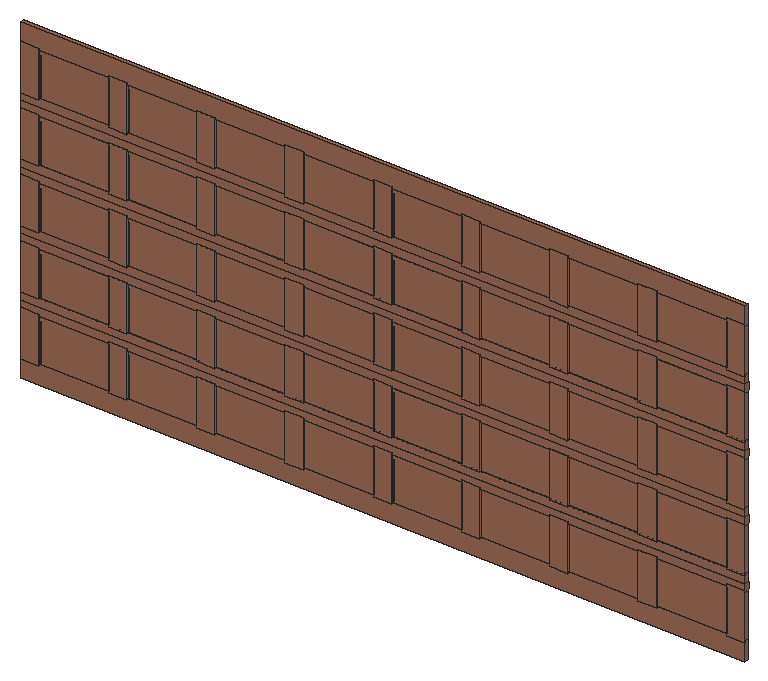
Revit family "GDBL E 40P", category Doors, host Wall, Revit 2013
Parameters
  Function = Interior
  Frame Projection Ext. = 25 mm
  Frame Projection Int. = 25 mm
  Frame Width = 75 mm
  Height = 2135 mm
  Wall Closure = By host
  Width = 4880 mm
Reference planes
  plane 1: y = 0
  plane 2 "Center (Left/Right)": x = 0
  plane 3 "Left": x = -2440
  plane 4 "Right": x = 2440
  plane 5: z = 2135
  plane 6 "Exterior": y = 75
  plane 7 "Interior": y = -75
  plane 8 "Garage Bottom": y = 75
  plane 9 "Garage Left": x = 2470
  plane 10 "Garage Right": x = -2470
  plane 11 "Garage Top": z = 2170
  plane 12: z = 476
  plane 13: z = 882
  plane 14: z = 1288
  plane 15: z = 1694
Forms (mm)
  Sweep 1, solid, material "Garage Wood"
    path origin (2744.172, 120, 1694) x (1, 0, 0) y (0, 1, 0)
      loop
        line (-5214.172, -225) -> (-274.172, -225)
    profile "Van Acht 55.5x30 Garage Rail : Van Acht 55.5x30 Garage Rail" origin (0, -105, 1694) x (0, 1, 0) y (0, 0, 1)
      loop
        line (0, 0.046) -> (30, 0.046) -> (30, 46.546) -> (28, 46.546)
        arc (28, 46.546) -> (25.296, 51.527) -> (20, 53.546) r 8.162
        line (20, 53.546) -> (20, 55.546) -> (0, 55.546) -> (0, 0.046)
  Extrusion 2, solid, material "Garage Wood"
    sketch origin (0, 0, 0) x (0, -1, 0) y (0, 0, -1)
      loop
        line (105, -2045) -> (85, -2045) -> (85, -2047)
        arc (85, -2047) -> (79.704, -2049.019) -> (77, -2054) r 8.162
        line (77, -2054) -> (75, -2054) -> (75, -2170) -> (105, -2170) -> (105, -2045)
    from -2470 to 2470
  Sweep 3, solid, material "Garage Wood"
    path origin (2744.172, 120, 1287.954) x (1, 0, 0) y (0, 1, 0)
      loop
        line (-5214.172, -225) -> (-274.172, -225)
    profile "Van Acht 55.5x30 Garage Rail : Van Acht 55.5x30 Garage Rail" origin (0, -105, 1287.954) x (0, 1, 0) y (0, 0, 1)
      loop
        line (0, 0.046) -> (30, 0.046) -> (30, 46.546) -> (28, 46.546)
        arc (28, 46.546) -> (25.296, 51.527) -> (20, 53.546) r 8.162
        line (20, 53.546) -> (20, 55.546) -> (0, 55.546) -> (0, 0.046)
  Extrusion 4, solid, material "Garage Wood"
    sketch origin (0, 0, 0) x (0, -1, 0) y (0, 0, -1)
      loop
        line (105, -1694.046) -> (105, -1638.546) -> (85, -1638.546) -> (85, -1640.546)
        arc (85, -1640.546) -> (79.704, -1642.565) -> (77, -1647.546) r 8.162
        line (77, -1647.546) -> (75, -1647.546) -> (75, -1694.046) -> (105, -1694.046)
    from -2470 to 2470
  Sweep 5, solid, material "Garage Wood"
    path origin (2744.172, 120, 881.954) x (1, 0, 0) y (0, 1, 0)
      loop
        line (-5214.172, -225) -> (-274.172, -225)
    profile "Van Acht 55.5x30 Garage Rail : Van Acht 55.5x30 Garage Rail" origin (0, -105, 881.954) x (0, 1, 0) y (0, 0, 1)
      loop
        line (0, 0.046) -> (30, 0.046) -> (30, 46.546) -> (28, 46.546)
        arc (28, 46.546) -> (25.296, 51.527) -> (20, 53.546) r 8.162
        line (20, 53.546) -> (20, 55.546) -> (0, 55.546) -> (0, 0.046)
  Extrusion 6, solid, material "Garage Wood"
    sketch origin (0, 0, -406) x (0, -1, 0) y (0, 0, -1)
      loop
        line (105, -1694.046) -> (105, -1638.546) -> (85, -1638.546) -> (85, -1640.546)
        arc (85, -1640.546) -> (79.704, -1642.565) -> (77, -1647.546) r 8.162
        line (77, -1647.546) -> (75, -1647.546) -> (75, -1694.046) -> (105, -1694.046)
    from -2470 to 2470
  Sweep 7, solid, material "Garage Wood"
    path origin (2744.172, 120, 475.954) x (1, 0, 0) y (0, 1, 0)
      loop
        line (-5214.172, -225) -> (-274.172, -225)
    profile "Van Acht 55.5x30 Garage Rail : Van Acht 55.5x30 Garage Rail" origin (0, -105, 475.954) x (0, 1, 0) y (0, 0, 1)
      loop
        line (0, 0.046) -> (30, 0.046) -> (30, 46.546) -> (28, 46.546)
        arc (28, 46.546) -> (25.296, 51.527) -> (20, 53.546) r 8.162
        line (20, 53.546) -> (20, 55.546) -> (0, 55.546) -> (0, 0.046)
  Extrusion 8, solid, material "Garage Wood"
    sketch origin (0, 0, -812) x (0, -1, 0) y (0, 0, -1)
      loop
        line (105, -1694.046) -> (105, -1638.546) -> (85, -1638.546) -> (85, -1640.546)
        arc (85, -1640.546) -> (79.704, -1642.565) -> (77, -1647.546) r 8.162
        line (77, -1647.546) -> (75, -1647.546) -> (75, -1694.046) -> (105, -1694.046)
    from -2470 to 2470
  Extrusion 9, solid, material "Garage Wood"
    sketch origin (0, 0, -1218) x (0, -1, 0) y (0, 0, -1)
      loop
        line (105, -1694.046) -> (105, -1638.546) -> (85, -1638.546) -> (85, -1640.546)
        arc (85, -1640.546) -> (79.704, -1642.565) -> (77, -1647.546) r 8.162
        line (77, -1647.546) -> (75, -1647.546) -> (75, -1694.046) -> (105, -1694.046)
    from -2470 to 2470
  Extrusion 10, solid, material "Garage Wood"
    sketch origin (2744.172, 300, 1288) x (0, -1, 0) y (-1, 0, 0)
      loop
        line (385, 5091.172) -> (385, 5089.172) -> (405, 5089.172) -> (405, 5214.172) -> (375, 5214.172) -> (375, 5098.172) -> (377, 5098.172)
        arc (377, 5098.172) -> (379.704, 5093.191) -> (385, 5091.172) r 8.162
      loop
        arc (385, 397.172) -> (379.704, 395.153) -> (377, 390.172) r 8.162
        line (377, 390.172) -> (375, 390.172) -> (375, 274.172) -> (405, 274.172) -> (405, 399.172) -> (385, 399.172) -> (385, 397.172)
      loop
        line (385, 3887.372) -> (385, 3885.372) -> (405, 3885.372) -> (405, 4010.372) -> (385, 4010.372) -> (385, 4008.372)
        arc (385, 4008.372) -> (379.704, 4006.353) -> (377, 4001.372) r 8.162
        line (377, 4001.372) -> (375, 4001.372) -> (375, 3894.372) -> (377, 3894.372)
        arc (377, 3894.372) -> (379.704, 3889.391) -> (385, 3887.372) r 8.162
      loop
        line (385, 2683.672) -> (385, 2681.672) -> (405, 2681.672) -> (405, 2806.672) -> (385, 2806.672) -> (385, 2804.672)
        arc (385, 2804.672) -> (379.704, 2802.653) -> (377, 2797.672) r 8.162
        line (377, 2797.672) -> (375, 2797.672) -> (375, 2690.672) -> (377, 2690.672)
        arc (377, 2690.672) -> (379.704, 2685.691) -> (385, 2683.672) r 8.162
      loop
        arc (385, 1600.972) -> (379.704, 1598.953) -> (377, 1593.972) r 8.162
        line (377, 1593.972) -> (375, 1593.972) -> (375, 1486.972) -> (377, 1486.972)
        arc (377, 1486.972) -> (379.704, 1481.991) -> (385, 1479.972) r 8.162
        line (385, 1479.972) -> (385, 1477.972) -> (405, 1477.972) -> (405, 1602.972) -> (385, 1602.972) -> (385, 1600.972)
      loop
        line (385, 4489.172) -> (385, 4487.172) -> (405, 4487.172) -> (405, 4612.172) -> (385, 4612.172) -> (385, 4610.172)
        arc (385, 4610.172) -> (379.704, 4608.153) -> (377, 4603.172) r 8.162
        line (377, 4603.172) -> (375, 4603.172) -> (375, 4496.172) -> (377, 4496.172)
        arc (377, 4496.172) -> (379.704, 4491.191) -> (385, 4489.172) r 8.162
      loop
        line (385, 3285.372) -> (385, 3283.372) -> (405, 3283.372) -> (405, 3408.372) -> (385, 3408.372) -> (385, 3406.372)
        arc (385, 3406.372) -> (379.704, 3404.353) -> (377, 3399.372) r 8.162
        line (377, 3399.372) -> (375, 3399.372) -> (375, 3292.372) -> (377, 3292.372)
        arc (377, 3292.372) -> (379.704, 3287.391) -> (385, 3285.372) r 8.162
      loop
        line (385, 2081.672) -> (385, 2079.672) -> (405, 2079.672) -> (405, 2204.672) -> (385, 2204.672) -> (385, 2202.672)
        arc (385, 2202.672) -> (379.704, 2200.653) -> (377, 2195.672) r 8.162
        line (377, 2195.672) -> (375, 2195.672) -> (375, 2088.672) -> (377, 2088.672)
        arc (377, 2088.672) -> (379.704, 2083.691) -> (385, 2081.672) r 8.162
      loop
        line (385, 877.972) -> (385, 875.972) -> (405, 875.972) -> (405, 1000.972) -> (385, 1000.972) -> (385, 998.972)
        arc (385, 998.972) -> (379.704, 996.953) -> (377, 991.972) r 8.162
        line (377, 991.972) -> (375, 991.972) -> (375, 884.972) -> (377, 884.972)
        arc (377, 884.972) -> (379.704, 879.991) -> (385, 877.972) r 8.162
    from 46.546 to 360
  Extrusion 11, solid, material "Garage Wood"
    sketch origin (6355.372, -275, 476) x (0, -1, 0) y (-1, 0, 0)
      loop
        line (-175, 4487.172) -> (-185, 4487.172) -> (-185, 4010.372) -> (-175, 4010.372) -> (-175, 4487.172)
      loop
        line (-175, 5089.172) -> (-185, 5089.172) -> (-185, 4612.172) -> (-175, 4612.172) -> (-175, 5089.172)
      loop
        line (-175, 5690.872) -> (-185, 5690.872) -> (-185, 5214.072) -> (-175, 5214.072) -> (-175, 5690.872)
      loop
        line (-175, 6292.872) -> (-185, 6292.872) -> (-185, 5815.872) -> (-175, 5815.872) -> (-175, 6292.872)
      loop
        line (-175, 6894.572) -> (-185, 6894.572) -> (-185, 6417.772) -> (-175, 6417.772) -> (-175, 6894.572)
      loop
        line (-175, 7496.572) -> (-185, 7496.572) -> (-185, 7019.572) -> (-175, 7019.572) -> (-175, 7496.572)
      loop
        line (-175, 8098.372) -> (-185, 8098.372) -> (-185, 7621.572) -> (-175, 7621.572) -> (-175, 8098.372)
      loop
        line (-175, 8700.372) -> (-185, 8700.372) -> (-185, 8223.372) -> (-175, 8223.372) -> (-175, 8700.372)
    from 55.454 to 351.546
  Extrusion 12, solid, material "Garage Wood"
    sketch origin (0, 0, 2169.454) x (0, -1, 0) y (0, 0, -1)
      loop
        line (105, 2045) -> (105, 2169.454) -> (75, 2169.454) -> (75, 2053.454) -> (77.097, 2053.454)
        arc (77.097, 2053.454) -> (79.86, 2048.739) -> (84.988, 2046.852) r 8.098
        line (84.988, 2046.852) -> (84.988, 2045) -> (105, 2045)
    from -2470 to 2470
  Extrusion 13, solid, material "Garage Wood"
    sketch origin (2744.172, 300, 1694) x (0, -1, 0) y (-1, 0, 0)
      loop
        line (385, 5091.172) -> (385, 5089.172) -> (405, 5089.172) -> (405, 5214.172) -> (375, 5214.172) -> (375, 5098.172) -> (377, 5098.172)
        arc (377, 5098.172) -> (379.704, 5093.191) -> (385, 5091.172) r 8.162
      loop
        arc (385, 397.172) -> (379.704, 395.153) -> (377, 390.172) r 8.162
        line (377, 390.172) -> (375, 390.172) -> (375, 274.172) -> (405, 274.172) -> (405, 399.172) -> (385, 399.172) -> (385, 397.172)
      loop
        line (385, 3887.372) -> (385, 3885.372) -> (405, 3885.372) -> (405, 4010.372) -> (385, 4010.372) -> (385, 4008.372)
        arc (385, 4008.372) -> (379.704, 4006.353) -> (377, 4001.372) r 8.162
        line (377, 4001.372) -> (375, 4001.372) -> (375, 3894.372) -> (377, 3894.372)
        arc (377, 3894.372) -> (379.704, 3889.391) -> (385, 3887.372) r 8.162
      loop
        line (385, 2683.672) -> (385, 2681.672) -> (405, 2681.672) -> (405, 2806.672) -> (385, 2806.672) -> (385, 2804.672)
        arc (385, 2804.672) -> (379.704, 2802.653) -> (377, 2797.672) r 8.162
        line (377, 2797.672) -> (375, 2797.672) -> (375, 2690.672) -> (377, 2690.672)
        arc (377, 2690.672) -> (379.704, 2685.691) -> (385, 2683.672) r 8.162
      loop
        arc (385, 1600.972) -> (379.704, 1598.953) -> (377, 1593.972) r 8.162
        line (377, 1593.972) -> (375, 1593.972) -> (375, 1486.972) -> (377, 1486.972)
        arc (377, 1486.972) -> (379.704, 1481.991) -> (385, 1479.972) r 8.162
        line (385, 1479.972) -> (385, 1477.972) -> (405, 1477.972) -> (405, 1602.972) -> (385, 1602.972) -> (385, 1600.972)
      loop
        line (385, 4489.172) -> (385, 4487.172) -> (405, 4487.172) -> (405, 4612.172) -> (385, 4612.172) -> (385, 4610.172)
        arc (385, 4610.172) -> (379.704, 4608.153) -> (377, 4603.172) r 8.162
        line (377, 4603.172) -> (375, 4603.172) -> (375, 4496.172) -> (377, 4496.172)
        arc (377, 4496.172) -> (379.704, 4491.191) -> (385, 4489.172) r 8.162
      loop
        line (385, 3285.372) -> (385, 3283.372) -> (405, 3283.372) -> (405, 3408.372) -> (385, 3408.372) -> (385, 3406.372)
        arc (385, 3406.372) -> (379.704, 3404.353) -> (377, 3399.372) r 8.162
        line (377, 3399.372) -> (375, 3399.372) -> (375, 3292.372) -> (377, 3292.372)
        arc (377, 3292.372) -> (379.704, 3287.391) -> (385, 3285.372) r 8.162
      loop
        line (385, 2081.672) -> (385, 2079.672) -> (405, 2079.672) -> (405, 2204.672) -> (385, 2204.672) -> (385, 2202.672)
        arc (385, 2202.672) -> (379.704, 2200.653) -> (377, 2195.672) r 8.162
        line (377, 2195.672) -> (375, 2195.672) -> (375, 2088.672) -> (377, 2088.672)
        arc (377, 2088.672) -> (379.704, 2083.691) -> (385, 2081.672) r 8.162
      loop
        line (385, 877.972) -> (385, 875.972) -> (405, 875.972) -> (405, 1000.972) -> (385, 1000.972) -> (385, 998.972)
        arc (385, 998.972) -> (379.704, 996.953) -> (377, 991.972) r 8.162
        line (377, 991.972) -> (375, 991.972) -> (375, 884.972) -> (377, 884.972)
        arc (377, 884.972) -> (379.704, 879.991) -> (385, 877.972) r 8.162
    from 46.546 to 360
  Extrusion 14, solid, material "Garage Wood"
    sketch origin (2744.172, 300, 2100.454) x (0, -1, 0) y (-1, 0, 0)
      loop
        line (385, 5091.172) -> (385, 5089.172) -> (405, 5089.172) -> (405, 5214.172) -> (375, 5214.172) -> (375, 5098.172) -> (377, 5098.172)
        arc (377, 5098.172) -> (379.704, 5093.191) -> (385, 5091.172) r 8.162
      loop
        arc (385, 397.172) -> (379.704, 395.153) -> (377, 390.172) r 8.162
        line (377, 390.172) -> (375, 390.172) -> (375, 274.172) -> (405, 274.172) -> (405, 399.172) -> (385, 399.172) -> (385, 397.172)
      loop
        line (385, 3887.372) -> (385, 3885.372) -> (405, 3885.372) -> (405, 4010.372) -> (385, 4010.372) -> (385, 4008.372)
        arc (385, 4008.372) -> (379.704, 4006.353) -> (377, 4001.372) r 8.162
        line (377, 4001.372) -> (375, 4001.372) -> (375, 3894.372) -> (377, 3894.372)
        arc (377, 3894.372) -> (379.704, 3889.391) -> (385, 3887.372) r 8.162
      loop
        line (385, 2683.672) -> (385, 2681.672) -> (405, 2681.672) -> (405, 2806.672) -> (385, 2806.672) -> (385, 2804.672)
        arc (385, 2804.672) -> (379.704, 2802.653) -> (377, 2797.672) r 8.162
        line (377, 2797.672) -> (375, 2797.672) -> (375, 2690.672) -> (377, 2690.672)
        arc (377, 2690.672) -> (379.704, 2685.691) -> (385, 2683.672) r 8.162
      loop
        arc (385, 1600.972) -> (379.704, 1598.953) -> (377, 1593.972) r 8.162
        line (377, 1593.972) -> (375, 1593.972) -> (375, 1486.972) -> (377, 1486.972)
        arc (377, 1486.972) -> (379.704, 1481.991) -> (385, 1479.972) r 8.162
        line (385, 1479.972) -> (385, 1477.972) -> (405, 1477.972) -> (405, 1602.972) -> (385, 1602.972) -> (385, 1600.972)
      loop
        line (385, 4489.172) -> (385, 4487.172) -> (405, 4487.172) -> (405, 4612.172) -> (385, 4612.172) -> (385, 4610.172)
        arc (385, 4610.172) -> (379.704, 4608.153) -> (377, 4603.172) r 8.162
        line (377, 4603.172) -> (375, 4603.172) -> (375, 4496.172) -> (377, 4496.172)
        arc (377, 4496.172) -> (379.704, 4491.191) -> (385, 4489.172) r 8.162
      loop
        line (385, 3285.372) -> (385, 3283.372) -> (405, 3283.372) -> (405, 3408.372) -> (385, 3408.372) -> (385, 3406.372)
        arc (385, 3406.372) -> (379.704, 3404.353) -> (377, 3399.372) r 8.162
        line (377, 3399.372) -> (375, 3399.372) -> (375, 3292.372) -> (377, 3292.372)
        arc (377, 3292.372) -> (379.704, 3287.391) -> (385, 3285.372) r 8.162
      loop
        line (385, 2081.672) -> (385, 2079.672) -> (405, 2079.672) -> (405, 2204.672) -> (385, 2204.672) -> (385, 2202.672)
        arc (385, 2202.672) -> (379.704, 2200.653) -> (377, 2195.672) r 8.162
        line (377, 2195.672) -> (375, 2195.672) -> (375, 2088.672) -> (377, 2088.672)
        arc (377, 2088.672) -> (379.704, 2083.691) -> (385, 2081.672) r 8.162
      loop
        line (385, 877.972) -> (385, 875.972) -> (405, 875.972) -> (405, 1000.972) -> (385, 1000.972) -> (385, 998.972)
        arc (385, 998.972) -> (379.704, 996.953) -> (377, 991.972) r 8.162
        line (377, 991.972) -> (375, 991.972) -> (375, 884.972) -> (377, 884.972)
        arc (377, 884.972) -> (379.704, 879.991) -> (385, 877.972) r 8.162
    from 46.454 to 359.909
  Extrusion 15, solid, material "Garage Wood"
    sketch origin (2744.172, 300, 882) x (0, -1, 0) y (-1, 0, 0)
      loop
        line (385, 5091.172) -> (385, 5089.172) -> (405, 5089.172) -> (405, 5214.172) -> (375, 5214.172) -> (375, 5098.172) -> (377, 5098.172)
        arc (377, 5098.172) -> (379.704, 5093.191) -> (385, 5091.172) r 8.162
      loop
        arc (385, 397.172) -> (379.704, 395.153) -> (377, 390.172) r 8.162
        line (377, 390.172) -> (375, 390.172) -> (375, 274.172) -> (405, 274.172) -> (405, 399.172) -> (385, 399.172) -> (385, 397.172)
      loop
        line (385, 3887.372) -> (385, 3885.372) -> (405, 3885.372) -> (405, 4010.372) -> (385, 4010.372) -> (385, 4008.372)
        arc (385, 4008.372) -> (379.704, 4006.353) -> (377, 4001.372) r 8.162
        line (377, 4001.372) -> (375, 4001.372) -> (375, 3894.372) -> (377, 3894.372)
        arc (377, 3894.372) -> (379.704, 3889.391) -> (385, 3887.372) r 8.162
      loop
        line (385, 2683.672) -> (385, 2681.672) -> (405, 2681.672) -> (405, 2806.672) -> (385, 2806.672) -> (385, 2804.672)
        arc (385, 2804.672) -> (379.704, 2802.653) -> (377, 2797.672) r 8.162
        line (377, 2797.672) -> (375, 2797.672) -> (375, 2690.672) -> (377, 2690.672)
        arc (377, 2690.672) -> (379.704, 2685.691) -> (385, 2683.672) r 8.162
      loop
        arc (385, 1600.972) -> (379.704, 1598.953) -> (377, 1593.972) r 8.162
        line (377, 1593.972) -> (375, 1593.972) -> (375, 1486.972) -> (377, 1486.972)
        arc (377, 1486.972) -> (379.704, 1481.991) -> (385, 1479.972) r 8.162
        line (385, 1479.972) -> (385, 1477.972) -> (405, 1477.972) -> (405, 1602.972) -> (385, 1602.972) -> (385, 1600.972)
      loop
        line (385, 4489.172) -> (385, 4487.172) -> (405, 4487.172) -> (405, 4612.172) -> (385, 4612.172) -> (385, 4610.172)
        arc (385, 4610.172) -> (379.704, 4608.153) -> (377, 4603.172) r 8.162
        line (377, 4603.172) -> (375, 4603.172) -> (375, 4496.172) -> (377, 4496.172)
        arc (377, 4496.172) -> (379.704, 4491.191) -> (385, 4489.172) r 8.162
      loop
        line (385, 3285.372) -> (385, 3283.372) -> (405, 3283.372) -> (405, 3408.372) -> (385, 3408.372) -> (385, 3406.372)
        arc (385, 3406.372) -> (379.704, 3404.353) -> (377, 3399.372) r 8.162
        line (377, 3399.372) -> (375, 3399.372) -> (375, 3292.372) -> (377, 3292.372)
        arc (377, 3292.372) -> (379.704, 3287.391) -> (385, 3285.372) r 8.162
      loop
        line (385, 2081.672) -> (385, 2079.672) -> (405, 2079.672) -> (405, 2204.672) -> (385, 2204.672) -> (385, 2202.672)
        arc (385, 2202.672) -> (379.704, 2200.653) -> (377, 2195.672) r 8.162
        line (377, 2195.672) -> (375, 2195.672) -> (375, 2088.672) -> (377, 2088.672)
        arc (377, 2088.672) -> (379.704, 2083.691) -> (385, 2081.672) r 8.162
      loop
        line (385, 877.972) -> (385, 875.972) -> (405, 875.972) -> (405, 1000.972) -> (385, 1000.972) -> (385, 998.972)
        arc (385, 998.972) -> (379.704, 996.953) -> (377, 991.972) r 8.162
        line (377, 991.972) -> (375, 991.972) -> (375, 884.972) -> (377, 884.972)
        arc (377, 884.972) -> (379.704, 879.991) -> (385, 877.972) r 8.162
    from 46.546 to 360
  Extrusion 16, solid, material "Garage Wood"
    sketch origin (2744.172, 300, 475.909) x (0, -1, 0) y (-1, 0, 0)
      loop
        line (385, 5091.172) -> (385, 5089.172) -> (405, 5089.172) -> (405, 5214.172) -> (375, 5214.172) -> (375, 5098.172) -> (377, 5098.172)
        arc (377, 5098.172) -> (379.704, 5093.191) -> (385, 5091.172) r 8.162
      loop
        arc (385, 397.172) -> (379.704, 395.153) -> (377, 390.172) r 8.162
        line (377, 390.172) -> (375, 390.172) -> (375, 274.172) -> (405, 274.172) -> (405, 399.172) -> (385, 399.172) -> (385, 397.172)
      loop
        line (385, 3887.372) -> (385, 3885.372) -> (405, 3885.372) -> (405, 4010.372) -> (385, 4010.372) -> (385, 4008.372)
        arc (385, 4008.372) -> (379.704, 4006.353) -> (377, 4001.372) r 8.162
        line (377, 4001.372) -> (375, 4001.372) -> (375, 3894.372) -> (377, 3894.372)
        arc (377, 3894.372) -> (379.704, 3889.391) -> (385, 3887.372) r 8.162
      loop
        line (385, 2683.672) -> (385, 2681.672) -> (405, 2681.672) -> (405, 2806.672) -> (385, 2806.672) -> (385, 2804.672)
        arc (385, 2804.672) -> (379.704, 2802.653) -> (377, 2797.672) r 8.162
        line (377, 2797.672) -> (375, 2797.672) -> (375, 2690.672) -> (377, 2690.672)
        arc (377, 2690.672) -> (379.704, 2685.691) -> (385, 2683.672) r 8.162
      loop
        arc (385, 1600.972) -> (379.704, 1598.953) -> (377, 1593.972) r 8.162
        line (377, 1593.972) -> (375, 1593.972) -> (375, 1486.972) -> (377, 1486.972)
        arc (377, 1486.972) -> (379.704, 1481.991) -> (385, 1479.972) r 8.162
        line (385, 1479.972) -> (385, 1477.972) -> (405, 1477.972) -> (405, 1602.972) -> (385, 1602.972) -> (385, 1600.972)
      loop
        line (385, 4489.172) -> (385, 4487.172) -> (405, 4487.172) -> (405, 4612.172) -> (385, 4612.172) -> (385, 4610.172)
        arc (385, 4610.172) -> (379.704, 4608.153) -> (377, 4603.172) r 8.162
        line (377, 4603.172) -> (375, 4603.172) -> (375, 4496.172) -> (377, 4496.172)
        arc (377, 4496.172) -> (379.704, 4491.191) -> (385, 4489.172) r 8.162
      loop
        line (385, 3285.372) -> (385, 3283.372) -> (405, 3283.372) -> (405, 3408.372) -> (385, 3408.372) -> (385, 3406.372)
        arc (385, 3406.372) -> (379.704, 3404.353) -> (377, 3399.372) r 8.162
        line (377, 3399.372) -> (375, 3399.372) -> (375, 3292.372) -> (377, 3292.372)
        arc (377, 3292.372) -> (379.704, 3287.391) -> (385, 3285.372) r 8.162
      loop
        line (385, 2081.672) -> (385, 2079.672) -> (405, 2079.672) -> (405, 2204.672) -> (385, 2204.672) -> (385, 2202.672)
        arc (385, 2202.672) -> (379.704, 2200.653) -> (377, 2195.672) r 8.162
        line (377, 2195.672) -> (375, 2195.672) -> (375, 2088.672) -> (377, 2088.672)
        arc (377, 2088.672) -> (379.704, 2083.691) -> (385, 2081.672) r 8.162
      loop
        line (385, 877.972) -> (385, 875.972) -> (405, 875.972) -> (405, 1000.972) -> (385, 1000.972) -> (385, 998.972)
        arc (385, 998.972) -> (379.704, 996.953) -> (377, 991.972) r 8.162
        line (377, 991.972) -> (375, 991.972) -> (375, 884.972) -> (377, 884.972)
        arc (377, 884.972) -> (379.704, 879.991) -> (385, 877.972) r 8.162
    from 46.454 to 359.909
  Extrusion 17, solid, material "Garage Wood"
    sketch origin (6355.372, -275, 882) x (0, -1, 0) y (-1, 0, 0)
      loop
        line (-175, 4487.172) -> (-185, 4487.172) -> (-185, 4010.372) -> (-175, 4010.372) -> (-175, 4487.172)
      loop
        line (-175, 5089.172) -> (-185, 5089.172) -> (-185, 4612.172) -> (-175, 4612.172) -> (-175, 5089.172)
      loop
        line (-175, 5690.872) -> (-185, 5690.872) -> (-185, 5214.072) -> (-175, 5214.072) -> (-175, 5690.872)
      loop
        line (-175, 6292.872) -> (-185, 6292.872) -> (-185, 5815.872) -> (-175, 5815.872) -> (-175, 6292.872)
      loop
        line (-175, 6894.572) -> (-185, 6894.572) -> (-185, 6417.772) -> (-175, 6417.772) -> (-175, 6894.572)
      loop
        line (-175, 7496.572) -> (-185, 7496.572) -> (-185, 7019.572) -> (-175, 7019.572) -> (-175, 7496.572)
      loop
        line (-175, 8098.372) -> (-185, 8098.372) -> (-185, 7621.572) -> (-175, 7621.572) -> (-175, 8098.372)
      loop
        line (-175, 8700.372) -> (-185, 8700.372) -> (-185, 8223.372) -> (-175, 8223.372) -> (-175, 8700.372)
    from 55.454 to 351.546
  Extrusion 18, solid, material "Garage Wood"
    sketch origin (6355.372, -275, 1288) x (0, -1, 0) y (-1, 0, 0)
      loop
        line (-175, 4487.172) -> (-185, 4487.172) -> (-185, 4010.372) -> (-175, 4010.372) -> (-175, 4487.172)
      loop
        line (-175, 5089.172) -> (-185, 5089.172) -> (-185, 4612.172) -> (-175, 4612.172) -> (-175, 5089.172)
      loop
        line (-175, 5690.872) -> (-185, 5690.872) -> (-185, 5214.072) -> (-175, 5214.072) -> (-175, 5690.872)
      loop
        line (-175, 6292.872) -> (-185, 6292.872) -> (-185, 5815.872) -> (-175, 5815.872) -> (-175, 6292.872)
      loop
        line (-175, 6894.572) -> (-185, 6894.572) -> (-185, 6417.772) -> (-175, 6417.772) -> (-175, 6894.572)
      loop
        line (-175, 7496.572) -> (-185, 7496.572) -> (-185, 7019.572) -> (-175, 7019.572) -> (-175, 7496.572)
      loop
        line (-175, 8098.372) -> (-185, 8098.372) -> (-185, 7621.572) -> (-175, 7621.572) -> (-175, 8098.372)
      loop
        line (-175, 8700.372) -> (-185, 8700.372) -> (-185, 8223.372) -> (-175, 8223.372) -> (-175, 8700.372)
    from 55.454 to 351.546
  Extrusion 19, solid, material "Garage Wood"
    sketch origin (6355.372, -275, 1694) x (0, -1, 0) y (-1, 0, 0)
      loop
        line (-175, 4487.172) -> (-185, 4487.172) -> (-185, 4010.372) -> (-175, 4010.372) -> (-175, 4487.172)
      loop
        line (-175, 5089.172) -> (-185, 5089.172) -> (-185, 4612.172) -> (-175, 4612.172) -> (-175, 5089.172)
      loop
        line (-175, 5690.872) -> (-185, 5690.872) -> (-185, 5214.072) -> (-175, 5214.072) -> (-175, 5690.872)
      loop
        line (-175, 6292.872) -> (-185, 6292.872) -> (-185, 5815.872) -> (-175, 5815.872) -> (-175, 6292.872)
      loop
        line (-175, 6894.572) -> (-185, 6894.572) -> (-185, 6417.772) -> (-175, 6417.772) -> (-175, 6894.572)
      loop
        line (-175, 7496.572) -> (-185, 7496.572) -> (-185, 7019.572) -> (-175, 7019.572) -> (-175, 7496.572)
      loop
        line (-175, 8098.372) -> (-185, 8098.372) -> (-185, 7621.572) -> (-175, 7621.572) -> (-175, 8098.372)
      loop
        line (-175, 8700.372) -> (-185, 8700.372) -> (-185, 8223.372) -> (-175, 8223.372) -> (-175, 8700.372)
    from 55.454 to 351.546
  Extrusion 20, solid, material "Garage Wood"
    sketch origin (6355.372, -275, 2100.454) x (0, -1, 0) y (-1, 0, 0)
      loop
        line (-175, 4487.172) -> (-185, 4487.172) -> (-185, 4010.372) -> (-175, 4010.372) -> (-175, 4487.172)
      loop
        line (-175, 5089.172) -> (-185, 5089.172) -> (-185, 4612.172) -> (-175, 4612.172) -> (-175, 5089.172)
      loop
        line (-175, 5690.872) -> (-185, 5690.872) -> (-185, 5214.072) -> (-175, 5214.072) -> (-175, 5690.872)
      loop
        line (-175, 6292.872) -> (-185, 6292.872) -> (-185, 5815.872) -> (-175, 5815.872) -> (-175, 6292.872)
      loop
        line (-175, 6894.572) -> (-185, 6894.572) -> (-185, 6417.772) -> (-175, 6417.772) -> (-175, 6894.572)
      loop
        line (-175, 7496.572) -> (-185, 7496.572) -> (-185, 7019.572) -> (-175, 7019.572) -> (-175, 7496.572)
      loop
        line (-175, 8098.372) -> (-185, 8098.372) -> (-185, 7621.572) -> (-175, 7621.572) -> (-175, 8098.372)
      loop
        line (-175, 8700.372) -> (-185, 8700.372) -> (-185, 8223.372) -> (-175, 8223.372) -> (-175, 8700.372)
    from 55.454 to 351.546
Lines and regions (mm)
  Opening 1
    outline origin (-3050, -75, 0) x (1, 0, 0) y (0, 0, 1)
      loop
        line (610, 0) -> (5490, 0) -> (5490, 2135) -> (610, 2135) -> (610, 0)
  symbolic lines, style "Elevation Swing"
    curve 1: line (-2470, -105, 1694) -> (-2470, -2275, 1694)
    curve 2: line (-2470, -2275, 1694) -> (2470, -2275, 1694)
    curve 3: line (2470, -2275, 1694) -> (2470, -105, 1694)
Text (mm)
  text "Exterior" at (-2295.016, 1099.543, 0), in view "Ref. Level"
  text "Exterior" at (0, 1615.38, 3698.081), in view "Left"
  text "Exterior" at (0, 1036.032, 3874.932), in view "Right"
Dimensions and locks
  equal spacing: plane 3 "Left", plane 2 "Center (Left/Right)", plane 4 "Right"
  "Width": plane 3 "Left" to plane 4 "Right"
  "Height": plane 5 to host wall
  host wall to plane 5 = 2135 mm
  host wall to plane 11 "Garage Top" = 2170 mm
  locked: plane 6 "Exterior" to host wall at 0
  locked: plane 7 "Interior" to host wall
  plane 3 "Left" to plane 4 "Right" = 4880 mm
  plane 10 "Garage Right" to plane 9 "Garage Left" = 4940 mm
  plane 11 "Garage Top" to plane 15 to plane 14 to plane 13 to plane 12 to level = 476 mm, 406 mm, 406 mm, 406 mm, 476 mm
  aligned and locked: plane 3 "Left" to Opening 1 sketch curve
  aligned and locked: plane 5 to Opening 1 sketch curve  (x2)
  aligned and locked: Opening 1 sketch curve to plane 4 "Right"
  aligned and locked: Opening 1 sketch curve to level
  aligned and locked: host wall to plane 1
  aligned and locked: Extrusion 11 to Extrusion 12
  aligned and locked: Extrusion 14 to Sweep 1
  aligned and locked: Extrusion 14 to Extrusion 2
  aligned and locked: Extrusion 11 to Extrusion 16
  aligned and locked: Extrusion 15 to Extrusion 11
  aligned and locked: Extrusion 11 to Extrusion 9
  aligned and locked: Extrusion 11 sketch curve to Extrusion 10  (x2)
Automatic sketch dimensions
  Sweep 1 sketch curve to plane 10 "Garage Right" = 0 mm
  Sweep 1 sketch curve to plane 9 "Garage Left" = 0 mm
  plane 7 "Interior" to Sweep 1 sketch curve = 30 mm
  Extrusion 2 sketch curve to host wall = 0 mm
  plane 11 "Garage Top" to Extrusion 2 sketch curve = 0 mm
  Extrusion 2 sketch curve to host wall = 10 mm
  Extrusion 2 sketch curve to plane 5 = 90 mm
  Extrusion 2 sketch curve to Extrusion 2 sketch curve = 2 mm  (x2)
  Extrusion 2 sketch curve to Extrusion 2 sketch curve = 20 mm
  Extrusion 2 sketch curve to Extrusion 2 sketch curve = 8.079 mm
  Extrusion 2 sketch curve to Extrusion 2 sketch curve = 7 mm
  Sweep 3 sketch curve to plane 10 "Garage Right" = 0 mm
  Sweep 3 sketch curve to plane 9 "Garage Left" = 0 mm
  plane 7 "Interior" to Sweep 3 sketch curve = 30 mm
  Extrusion 4 sketch curve to host wall = 0 mm
  Extrusion 4 sketch curve to host wall = 10 mm
  plane 15 to Extrusion 4 sketch curve = 55.454 mm
  Extrusion 4 sketch curve to host wall = 2 mm
  Extrusion 4 sketch curve to plane 15 = 0.046 mm
  Extrusion 4 sketch curve to host wall = 30 mm
  Extrusion 4 sketch curve to Extrusion 4 sketch curve = 0.079 mm
  Extrusion 4 sketch curve to Extrusion 4 sketch curve = 2 mm
  Extrusion 4 sketch curve to Extrusion 4 sketch curve = 7 mm
  Sweep 5 sketch curve to plane 10 "Garage Right" = 0 mm
  Sweep 5 sketch curve to plane 9 "Garage Left" = 0 mm
  plane 7 "Interior" to Sweep 5 sketch curve = 30 mm
  Extrusion 6 sketch curve to host wall = 0 mm
  Extrusion 6 sketch curve to host wall = 10 mm
  plane 14 to Extrusion 6 sketch curve = 55.454 mm
  Extrusion 6 sketch curve to host wall = 2 mm
  Extrusion 6 sketch curve to plane 14 = 0.046 mm
  Extrusion 6 sketch curve to host wall = 30 mm
  Extrusion 6 sketch curve to Extrusion 6 sketch curve = 0.079 mm
  Extrusion 6 sketch curve to Extrusion 6 sketch curve = 2 mm
  Extrusion 6 sketch curve to Extrusion 6 sketch curve = 7 mm
  Sweep 7 sketch curve to plane 10 "Garage Right" = 0 mm
  Sweep 7 sketch curve to plane 9 "Garage Left" = 0 mm
  plane 7 "Interior" to Sweep 7 sketch curve = 30 mm
  Extrusion 8 sketch curve to host wall = 0 mm
  Extrusion 8 sketch curve to host wall = 10 mm
  plane 13 to Extrusion 8 sketch curve = 55.454 mm
  Extrusion 8 sketch curve to host wall = 2 mm
  Extrusion 8 sketch curve to plane 13 = 0.046 mm
  Extrusion 8 sketch curve to host wall = 30 mm
  Extrusion 8 sketch curve to Extrusion 8 sketch curve = 0.079 mm
  Extrusion 8 sketch curve to Extrusion 8 sketch curve = 2 mm
  Extrusion 8 sketch curve to Extrusion 8 sketch curve = 7 mm
  Extrusion 9 sketch curve to host wall = 0 mm
  Extrusion 9 sketch curve to host wall = 10 mm
  plane 12 to Extrusion 9 sketch curve = 55.454 mm
  Extrusion 9 sketch curve to host wall = 2 mm
  Extrusion 9 sketch curve to plane 12 = 0.046 mm
  Extrusion 9 sketch curve to host wall = 30 mm
  Extrusion 9 sketch curve to Extrusion 9 sketch curve = 0.079 mm
  Extrusion 9 sketch curve to Extrusion 9 sketch curve = 2 mm
  Extrusion 9 sketch curve to Extrusion 9 sketch curve = 7 mm
  host wall to Extrusion 10 sketch curve = 0 mm  (x9)
  Extrusion 10 sketch curve to plane 10 "Garage Right" = 0 mm
  Extrusion 10 sketch curve to plane 9 "Garage Left" = 0 mm
  Extrusion 10 sketch curve to plane 3 "Left" = 86 mm
  host wall to Extrusion 10 sketch curve = 2 mm  (x10)
  Extrusion 10 sketch curve to Extrusion 10 sketch curve = 2 mm  (x22)
  host wall to Extrusion 10 sketch curve = 10 mm  (x16)
  Extrusion 10 sketch curve to Extrusion 10 sketch curve = 20 mm  (x8)
  Extrusion 10 sketch curve to Extrusion 10 sketch curve = 30 mm
  Extrusion 10 sketch curve to Extrusion 10 sketch curve = 0.079 mm  (x13)
  Extrusion 10 sketch curve to Extrusion 10 sketch curve = 8.079 mm  (x3)
  Extrusion 10 sketch curve to Extrusion 10 sketch curve = 7 mm  (x16)
  Extrusion 10 sketch curve to Extrusion 10 sketch curve = 477 mm  (x4)
  Extrusion 10 sketch curve to Extrusion 10 sketch curve = 105.839 mm  (x6)
  Extrusion 10 sketch curve to Extrusion 10 sketch curve = 476.8 mm
  Extrusion 10 sketch curve to plane 2 "Center (Left/Right)" = 62.5 mm
  plane 2 "Center (Left/Right)" to Extrusion 10 sketch curve = 53.5 mm
  Extrusion 10 sketch curve to Extrusion 10 sketch curve = 476.7 mm
  plane 4 "Right" to Extrusion 10 sketch curve = 95 mm
  host wall to Extrusion 11 sketch curve = 15 mm  (x8)
  host wall to Extrusion 11 sketch curve = 25 mm
  Extrusion 11 sketch curve to plane 3 "Left" = 95 mm
  Extrusion 11 sketch curve to Extrusion 11 sketch curve = 10 mm  (x7)
  Extrusion 11 sketch curve to Extrusion 11 sketch curve = 477 mm  (x2)
  Extrusion 11 sketch curve to Extrusion 11 sketch curve = 125 mm  (x5)
  Extrusion 11 sketch curve to Extrusion 11 sketch curve = 476.8 mm  (x2)
  Extrusion 11 sketch curve to plane 2 "Center (Left/Right)" = 62.4 mm
  plane 2 "Center (Left/Right)" to Extrusion 11 sketch curve = 62.5 mm
  Extrusion 11 sketch curve to Extrusion 11 sketch curve = 124.9 mm
  plane 4 "Right" to Extrusion 11 sketch curve = 95 mm
  Extrusion 12 sketch curve to host wall = 0 mm
  Extrusion 12 sketch curve to level = 0 mm
  host wall to Extrusion 12 sketch curve = 9.988 mm
  level to Extrusion 12 sketch curve = 124.454 mm
  Extrusion 12 sketch curve to Extrusion 12 sketch curve = 2.097 mm
  Extrusion 12 sketch curve to Extrusion 12 sketch curve = 20.012 mm
  Extrusion 12 sketch curve to Extrusion 12 sketch curve = 0.068 mm
  Extrusion 12 sketch curve to Extrusion 12 sketch curve = 1.852 mm
  Extrusion 12 sketch curve to Extrusion 12 sketch curve = 6.602 mm
  curve 1 to plane 10 "Garage Right" = 0 mm
  curve 2 to plane 9 "Garage Left" = 0 mm
  host wall to curve 1 = 2200 mm
  host wall to curve 3 = 30 mm
  host wall to curve 1 = 30 mm
  host wall to Extrusion 13 sketch curve = 0 mm  (x9)
  Extrusion 13 sketch curve to plane 10 "Garage Right" = 0 mm
  Extrusion 13 sketch curve to plane 9 "Garage Left" = 0 mm
  Extrusion 13 sketch curve to plane 3 "Left" = 86 mm
  host wall to Extrusion 13 sketch curve = 2 mm  (x10)
  Extrusion 13 sketch curve to Extrusion 13 sketch curve = 2 mm  (x22)
  host wall to Extrusion 13 sketch curve = 10 mm  (x16)
  Extrusion 13 sketch curve to Extrusion 13 sketch curve = 20 mm  (x8)
  Extrusion 13 sketch curve to Extrusion 13 sketch curve = 30 mm
  Extrusion 13 sketch curve to Extrusion 13 sketch curve = 0.079 mm  (x11)
  Extrusion 13 sketch curve to Extrusion 13 sketch curve = 8.079 mm  (x5)
  Extrusion 13 sketch curve to Extrusion 13 sketch curve = 7 mm  (x16)
  Extrusion 13 sketch curve to Extrusion 13 sketch curve = 477 mm  (x4)
  Extrusion 13 sketch curve to Extrusion 13 sketch curve = 105.839 mm  (x6)
  Extrusion 13 sketch curve to Extrusion 13 sketch curve = 476.8 mm
  Extrusion 13 sketch curve to plane 2 "Center (Left/Right)" = 62.5 mm
  plane 2 "Center (Left/Right)" to Extrusion 13 sketch curve = 53.5 mm
  Extrusion 13 sketch curve to Extrusion 13 sketch curve = 476.7 mm
  plane 4 "Right" to Extrusion 13 sketch curve = 95 mm
  host wall to Extrusion 14 sketch curve = 0 mm  (x9)
  Extrusion 14 sketch curve to plane 10 "Garage Right" = 0 mm
  Extrusion 14 sketch curve to plane 9 "Garage Left" = 0 mm
  Extrusion 14 sketch curve to plane 3 "Left" = 86 mm
  host wall to Extrusion 14 sketch curve = 2 mm  (x10)
  Extrusion 14 sketch curve to Extrusion 14 sketch curve = 2 mm  (x22)
  host wall to Extrusion 14 sketch curve = 10 mm  (x16)
  Extrusion 14 sketch curve to Extrusion 14 sketch curve = 20 mm  (x8)
  Extrusion 14 sketch curve to Extrusion 14 sketch curve = 30 mm
  Extrusion 14 sketch curve to Extrusion 14 sketch curve = 0.079 mm  (x11)
  Extrusion 14 sketch curve to Extrusion 14 sketch curve = 8.079 mm  (x5)
  Extrusion 14 sketch curve to Extrusion 14 sketch curve = 7 mm  (x16)
  Extrusion 14 sketch curve to Extrusion 14 sketch curve = 477 mm  (x4)
  Extrusion 14 sketch curve to Extrusion 14 sketch curve = 105.839 mm  (x6)
  Extrusion 14 sketch curve to Extrusion 14 sketch curve = 476.8 mm
  Extrusion 14 sketch curve to plane 2 "Center (Left/Right)" = 62.5 mm
  plane 2 "Center (Left/Right)" to Extrusion 14 sketch curve = 53.5 mm
  Extrusion 14 sketch curve to Extrusion 14 sketch curve = 476.7 mm
  plane 4 "Right" to Extrusion 14 sketch curve = 95 mm
  host wall to Extrusion 15 sketch curve = 0 mm  (x9)
  Extrusion 15 sketch curve to plane 10 "Garage Right" = 0 mm
  Extrusion 15 sketch curve to plane 9 "Garage Left" = 0 mm
  Extrusion 15 sketch curve to plane 3 "Left" = 86 mm
  host wall to Extrusion 15 sketch curve = 2 mm  (x10)
  Extrusion 15 sketch curve to Extrusion 15 sketch curve = 2 mm  (x22)
  host wall to Extrusion 15 sketch curve = 10 mm  (x16)
  Extrusion 15 sketch curve to Extrusion 15 sketch curve = 20 mm  (x8)
  Extrusion 15 sketch curve to Extrusion 15 sketch curve = 30 mm
  Extrusion 15 sketch curve to Extrusion 15 sketch curve = 0.079 mm  (x11)
  Extrusion 15 sketch curve to Extrusion 15 sketch curve = 8.079 mm  (x5)
  Extrusion 15 sketch curve to Extrusion 15 sketch curve = 7 mm  (x16)
  Extrusion 15 sketch curve to Extrusion 15 sketch curve = 477 mm  (x4)
  Extrusion 15 sketch curve to Extrusion 15 sketch curve = 105.839 mm  (x6)
  Extrusion 15 sketch curve to Extrusion 15 sketch curve = 476.8 mm
  Extrusion 15 sketch curve to plane 2 "Center (Left/Right)" = 62.5 mm
  plane 2 "Center (Left/Right)" to Extrusion 15 sketch curve = 53.5 mm
  Extrusion 15 sketch curve to Extrusion 15 sketch curve = 476.7 mm
  plane 4 "Right" to Extrusion 15 sketch curve = 95 mm
  host wall to Extrusion 16 sketch curve = 0 mm  (x9)
  Extrusion 16 sketch curve to plane 10 "Garage Right" = 0 mm
  Extrusion 16 sketch curve to plane 9 "Garage Left" = 0 mm
  Extrusion 16 sketch curve to plane 3 "Left" = 86 mm
  host wall to Extrusion 16 sketch curve = 2 mm  (x10)
  Extrusion 16 sketch curve to Extrusion 16 sketch curve = 2 mm  (x22)
  host wall to Extrusion 16 sketch curve = 10 mm  (x16)
  Extrusion 16 sketch curve to Extrusion 16 sketch curve = 20 mm  (x8)
  Extrusion 16 sketch curve to Extrusion 16 sketch curve = 30 mm
  Extrusion 16 sketch curve to Extrusion 16 sketch curve = 0.079 mm  (x11)
  Extrusion 16 sketch curve to Extrusion 16 sketch curve = 8.079 mm  (x5)
  Extrusion 16 sketch curve to Extrusion 16 sketch curve = 7 mm  (x16)
  Extrusion 16 sketch curve to Extrusion 16 sketch curve = 477 mm  (x4)
  Extrusion 16 sketch curve to Extrusion 16 sketch curve = 105.839 mm  (x6)
  Extrusion 16 sketch curve to Extrusion 16 sketch curve = 476.8 mm
  Extrusion 16 sketch curve to plane 2 "Center (Left/Right)" = 62.5 mm
  plane 2 "Center (Left/Right)" to Extrusion 16 sketch curve = 53.5 mm
  Extrusion 16 sketch curve to Extrusion 16 sketch curve = 476.7 mm
  plane 4 "Right" to Extrusion 16 sketch curve = 95 mm
  host wall to Extrusion 17 sketch curve = 15 mm  (x8)
  host wall to Extrusion 17 sketch curve = 25 mm
  Extrusion 17 sketch curve to plane 3 "Left" = 95 mm
  Extrusion 17 sketch curve to Extrusion 17 sketch curve = 10 mm  (x7)
  Extrusion 17 sketch curve to Extrusion 17 sketch curve = 477 mm  (x4)
  Extrusion 17 sketch curve to Extrusion 17 sketch curve = 125 mm  (x5)
  Extrusion 17 sketch curve to Extrusion 17 sketch curve = 476.8 mm  (x2)
  Extrusion 17 sketch curve to plane 2 "Center (Left/Right)" = 62.4 mm
  plane 2 "Center (Left/Right)" to Extrusion 17 sketch curve = 62.5 mm
  Extrusion 17 sketch curve to Extrusion 17 sketch curve = 124.9 mm
  plane 4 "Right" to Extrusion 17 sketch curve = 95 mm
  host wall to Extrusion 18 sketch curve = 15 mm  (x8)
  host wall to Extrusion 18 sketch curve = 25 mm
  Extrusion 18 sketch curve to plane 3 "Left" = 95 mm
  Extrusion 18 sketch curve to Extrusion 18 sketch curve = 10 mm  (x7)
  Extrusion 18 sketch curve to Extrusion 18 sketch curve = 477 mm  (x4)
  Extrusion 18 sketch curve to Extrusion 18 sketch curve = 125 mm  (x5)
  Extrusion 18 sketch curve to Extrusion 18 sketch curve = 476.8 mm  (x2)
  Extrusion 18 sketch curve to plane 2 "Center (Left/Right)" = 62.4 mm
  plane 2 "Center (Left/Right)" to Extrusion 18 sketch curve = 62.5 mm
  Extrusion 18 sketch curve to Extrusion 18 sketch curve = 124.9 mm
  plane 4 "Right" to Extrusion 18 sketch curve = 95 mm
  host wall to Extrusion 19 sketch curve = 15 mm  (x8)
  host wall to Extrusion 19 sketch curve = 25 mm
  Extrusion 19 sketch curve to plane 3 "Left" = 95 mm
  Extrusion 19 sketch curve to Extrusion 19 sketch curve = 10 mm  (x7)
  Extrusion 19 sketch curve to Extrusion 19 sketch curve = 477 mm  (x4)
  Extrusion 19 sketch curve to Extrusion 19 sketch curve = 125 mm  (x5)
  Extrusion 19 sketch curve to Extrusion 19 sketch curve = 476.8 mm  (x2)
  Extrusion 19 sketch curve to plane 2 "Center (Left/Right)" = 62.4 mm
  plane 2 "Center (Left/Right)" to Extrusion 19 sketch curve = 62.5 mm
  Extrusion 19 sketch curve to Extrusion 19 sketch curve = 124.9 mm
  plane 4 "Right" to Extrusion 19 sketch curve = 95 mm
  host wall to Extrusion 20 sketch curve = 15 mm  (x8)
  host wall to Extrusion 20 sketch curve = 25 mm
  Extrusion 20 sketch curve to plane 3 "Left" = 95 mm
  Extrusion 20 sketch curve to Extrusion 20 sketch curve = 10 mm  (x7)
  Extrusion 20 sketch curve to Extrusion 20 sketch curve = 477 mm  (x4)
  Extrusion 20 sketch curve to Extrusion 20 sketch curve = 125 mm  (x5)
  Extrusion 20 sketch curve to Extrusion 20 sketch curve = 476.8 mm  (x2)
  Extrusion 20 sketch curve to plane 2 "Center (Left/Right)" = 62.4 mm
  plane 2 "Center (Left/Right)" to Extrusion 20 sketch curve = 62.5 mm
  Extrusion 20 sketch curve to Extrusion 20 sketch curve = 124.9 mm
  plane 4 "Right" to Extrusion 20 sketch curve = 95 mm
